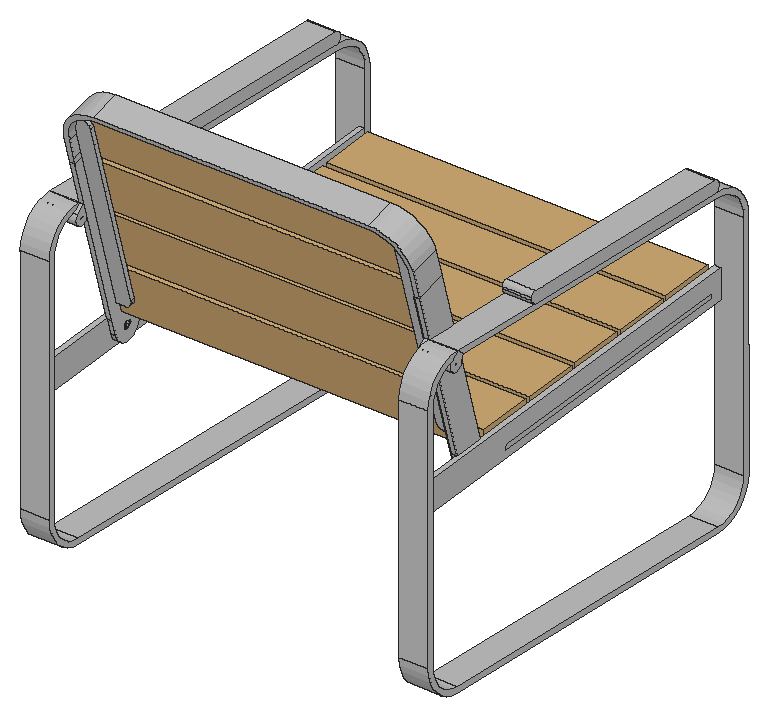
Revit family "L-FUR_벤치_YC-10_예건", category 일반 모델, Revit 2021
Family settings
  보강 철근 호스트 가능 = 아니오
  원형 커넥터 치수 = 지름 사용
  부품 유형 = 보통
  작업 기준면 기반 = 아니오
  항상 수직 = 예
  로드될 때 보이드를 사용하여 절단 = 아니오
  공유 = 아니오
  룸 계산 점 = 아니오
Parameters
  한국산업규격KS = ""
  조달청표준공사코드-세부공종 = ""
  기본 입면도 = 0 mm
  건설정보분류체계-부위분류 = "E943"
  LIM_INFO_주의사항 = "재배포, 재가공, 판매 금지"
  LIM_INFO_제품업체 = "예건"
  LIM_INFO_제품번호 = "YF-16"
  LIM_INFO_제품명 = "펜스_YF-16"
  LIM_INFO_제작일 = "20230315"
  LIM_INFO_재료 = "Hardwood, STL-pipe, STL-plate"
  LIM_INFO_업체정보 = ""
  LIM_INFO_업체URL = "https://yekun.com/"
  LIM_INFO_업체TEL = "(+82)31-943-6114"
  LIM_INFO_업체EMAIL = "yekun@yekun.com"
  LIM_INFO_버전 = "2023_V01"
  LIM_INFO_기타정보 = ""
  LIM_INFO_규격 = "W2000 x H1800"
  LIM_INFO_가격 = 0
  LIM_INFO_PV_포장재여부 = yes
  LIM_INFO_PV_면적 = 0.00 m²
  KBIMS_식별-버전 = ""
  KBIMS_식별-bSK등록번호 = ""
  KBIMS_보급정보-저작자 = "림인포테크_MMJ"
  KBIMS_보급정보-보급코드 = ""
Reference planes
  plane 1 "중심(앞/뒤)": y = 0
  plane 2: z = 0
  plane 3 "중심(왼쪽/오른쪽)": x = 0
Dimensions and locks
  aligned and locked: level to plane 2
Nested families
  nested 1: "YC-10_base" at (0, 0, 0), type "YC-10_base"
Definition of nested family "YC-10_base"
  Parameters (values of type "YC-10_base")
    Default Elevation = 0 mm
  Reference planes
    plane 1 "중심(앞/뒤)": y = 0
    plane 2: z = 0
    plane 3 "중심(왼쪽/오른쪽)": x = 0
  Forms (mm)
    Extrusion 1, solid, detail levels coarse+medium
      sketch origin (0, 2029.447, 184.142) x (0, 1, 0) y (0, 0, 1)
        loop
          line (-2029.447, 341.003) -> (-2029.447, -184.142) -> (-1343.044, -184.142) -> (-1343.044, 341.003) -> (-2029.447, 341.003)
        loop
          line (-1352.044, 332.003) -> (-1685.995, 332.003) -> (-2020.447, 332.003) -> (-2020.447, -175.142) -> (-1352.044, -175.142) -> (-1352.044, 332.003)
      from 0 to 50
    Extrusion 2, solid, detail levels coarse+medium
      sketch origin (0, 2029.447, 184.142) x (0, 1, 0) y (0, 0, 1)
        loop
          line (-2020.447, 126.059) -> (-2020.447, 75.858) -> (-1352.044, 135.858) -> (-1352.044, 186.059) -> (-2020.447, 126.059)
      from 40 to 50
    Extrusion 3, solid, detail levels coarse+medium
      sketch origin (0, 2029.447, 184.142) x (0, 1, 0) y (0, 0, 1)
        loop
          line (-1357.044, 185.61) -> (-1597.017, 164.068) -> (-1837.114, 142.516) -> (-1834.431, 112.636) -> (-1612.826, 132.529) -> (-1354.362, 155.73) -> (-1357.044, 185.61)
        loop
          line (-1858.847, 151.799) -> (-1900.424, 296.821) -> (-1964.822, 521.403) -> (-1993.656, 513.136) -> (-1925.831, 276.58) -> (-1887.685, 143.53) -> (-1858.847, 151.799)
      from 59 to 642.039
    Extrusion 4, solid, detail levels coarse+medium
      sketch origin (0, 2029.447, 184.142) x (0, 1, 0) y (0, 0, 1)
        loop
          line (-1373.745, 147.966) -> (-1374.282, 153.942) -> (-1814.512, 114.424) -> (-1813.975, 108.448) -> (-1373.745, 147.966)
      from 50 to 40
    Extrusion 5, solid, detail levels coarse+medium
      sketch origin (0, 2029.447, 184.142) x (0, 1, 0) y (0, 0, 1)
        loop
          line (-1813.975, 108.448) -> (-1373.745, 147.966) -> (-1374.282, 153.942) -> (-1814.512, 114.424) -> (-1813.975, 108.448)
      from 50 to 90
    Extrusion 6, solid, detail levels coarse+medium
      sketch origin (700, 2029.447, 184.142) x (0, 1, 0) y (0, 0, -1)
        loop
          line (-2020.447, -126.059) -> (-1352.044, -186.059) -> (-1352.044, -135.858) -> (-2020.447, -75.858) -> (-2020.447, -126.059)
      from 40 to 50
    Extrusion 7, solid, detail levels coarse+medium
      sketch origin (700, 2029.447, 184.142) x (0, 1, 0) y (0, 0, -1)
        loop
          line (-1373.745, -147.966) -> (-1813.975, -108.448) -> (-1814.512, -114.424) -> (-1374.282, -153.942) -> (-1373.745, -147.966)
      from 50 to 40
    Extrusion 8, solid, detail levels coarse+medium
      sketch origin (700, 2029.447, 184.142) x (0, 1, 0) y (0, 0, -1)
        loop
          line (-1813.975, -108.448) -> (-1814.512, -114.424) -> (-1374.282, -153.942) -> (-1373.745, -147.966) -> (-1813.975, -108.448)
      from 50 to 90
    Extrusion 9, solid, detail levels coarse+medium
      sketch origin (-1065.453, 508.99, -844.173) x (1, 0, 0) y (0, -0.275637, 0.961262)
        loop
          line (1706.53, 1612.111) -> (1706.53, 1513.614) -> (1715.53, 1513.614) -> (1715.53, 1620.636) -> (1115.53, 1620.636) -> (1115.53, 1513.634) -> (1124.453, 1513.634) -> (1124.453, 1522.111) -> (1124.453, 1612.111) -> (1706.53, 1612.111)
      from 0 to 50
    Extrusion 10, solid, detail levels coarse+medium
      sketch origin (0, 686.403, 0) x (0, 1, 0) y (0, 0, 1)
        loop
          line (-642.681, 597.046) -> (-563.376, 320.437) -> (-548.667, 269.134) -> (-500.603, 282.914) -> (-512.666, 324.989) -> (-594.618, 610.828) -> (-642.681, 597.046)
      from 50 to 59
    Extrusion 11, solid, detail levels fine
      sketch origin (0, 2029.447, 184.142) x (0, 1, 0) y (0, 0, 1)
        loop
          arc (-1415.044, 341.003) -> (-1409.387, 343.346) -> (-1407.044, 349.003) r 8
          line (-1407.044, 349.003) -> (-1407.044, 353.003)
          arc (-1407.044, 353.003) -> (-1409.387, 358.66) -> (-1415.044, 361.003) r 8
          line (-1415.044, 361.003) -> (-1799.044, 361.003)
          arc (-1799.044, 361.003) -> (-1804.701, 358.66) -> (-1807.044, 353.003) r 8
          line (-1807.044, 353.003) -> (-1807.044, 349.003)
          arc (-1807.044, 349.003) -> (-1804.701, 343.346) -> (-1799.044, 341.003) r 8
          line (-1799.044, 341.003) -> (-1415.044, 341.003)
      from 0 to 50
    Extrusion 12, solid, detail levels fine
      sketch origin (0, 2029.447, 184.142) x (0, 1, 0) y (0, 0, 1)
        loop
          arc (-1965.447, 341.003) -> (-2010.702, 322.258) -> (-2029.447, 277.003) r 64
          line (-2029.447, 277.003) -> (-2029.447, -120.142)
          arc (-2029.447, -120.142) -> (-2010.702, -165.397) -> (-1965.447, -184.142) r 64
          line (-1965.447, -184.142) -> (-1407.044, -184.142)
          arc (-1407.044, -184.142) -> (-1361.789, -165.397) -> (-1343.044, -120.142) r 64
          line (-1343.044, -120.142) -> (-1343.044, 277.003)
          arc (-1343.044, 277.003) -> (-1361.789, 322.258) -> (-1407.044, 341.003) r 64
          line (-1407.044, 341.003) -> (-1415.044, 341.003) -> (-1799.044, 341.003) -> (-1965.447, 341.003)
        loop
          line (-1407.044, 332.003) -> (-1685.995, 332.003) -> (-1965.447, 332.003)
          arc (-1965.447, 332.003) -> (-2004.338, 315.894) -> (-2020.447, 277.003) r 55
          line (-2020.447, 277.003) -> (-2020.447, -120.142)
          arc (-2020.447, -120.142) -> (-2004.338, -159.033) -> (-1965.447, -175.142) r 55
          line (-1965.447, -175.142) -> (-1407.044, -175.142)
          arc (-1407.044, -175.142) -> (-1368.153, -159.033) -> (-1352.044, -120.142) r 55
          line (-1352.044, -120.142) -> (-1352.044, 277.003)
          arc (-1352.044, 277.003) -> (-1368.153, 315.894) -> (-1407.044, 332.003) r 55
      from 0 to 50
    Extrusion 13, solid, detail levels fine
      sketch origin (0, 2029.447, 184.142) x (0, 1, 0) y (0, 0, 1)
        loop
          line (-2020.447, 126.059) -> (-2020.447, 75.858) -> (-1352.044, 135.858) -> (-1352.044, 186.059) -> (-2020.447, 126.059)
      from 40 to 50
    Extrusion 14, solid, detail levels fine
      sketch origin (0, 2029.447, 184.142) x (0, 1, 0) y (0, 0, 1)
        loop
          line (-1357.044, 185.61) -> (-1446.684, 177.563) -> (-1444.001, 147.683) -> (-1354.362, 155.73) -> (-1357.044, 185.61)
        loop
          line (-1541.609, 138.922) -> (-1451.969, 146.968) -> (-1454.652, 176.848) -> (-1544.291, 168.801) -> (-1541.609, 138.922)
        loop
          line (-1552.259, 168.086) -> (-1641.899, 160.04) -> (-1639.216, 130.16) -> (-1549.577, 138.206) -> (-1552.259, 168.086)
        loop
          line (-1736.824, 121.398) -> (-1647.184, 129.444) -> (-1649.867, 159.324) -> (-1739.506, 151.278) -> (-1736.824, 121.398)
        loop
          line (-1747.474, 150.562) -> (-1837.114, 142.516) -> (-1834.431, 112.636) -> (-1744.792, 120.683) -> (-1747.474, 150.562)
        loop
          line (-1858.847, 151.799) -> (-1883.651, 238.313) -> (-1912.489, 230.045) -> (-1887.685, 143.53) -> (-1858.847, 151.799)
        loop
          line (-1885.854, 246.004) -> (-1910.661, 332.517) -> (-1939.5, 324.249) -> (-1914.695, 237.735) -> (-1885.854, 246.004)
        loop
          line (-1912.865, 340.208) -> (-1937.672, 426.721) -> (-1966.51, 418.453) -> (-1941.706, 331.939) -> (-1912.865, 340.208)
      from 59 to 642.039
    Extrusion 15, solid, detail levels fine
      sketch origin (0, 2029.447, 184.142) x (0, 1, 0) y (0, 0, 1)
        loop
          line (-1373.745, 147.966) -> (-1374.282, 153.942) -> (-1814.512, 114.424) -> (-1813.975, 108.448) -> (-1373.745, 147.966)
      from 50 to 40
    Extrusion 16, solid, detail levels fine
      sketch origin (0, 2029.447, 184.142) x (0, 1, 0) y (0, 0, 1)
        loop
          line (-1813.975, 108.448) -> (-1373.745, 147.966) -> (-1374.282, 153.942) -> (-1814.512, 114.424) -> (-1813.975, 108.448)
      from 50 to 90
    Extrusion 17, solid, detail levels fine
      sketch origin (0, 2029.447, 184.142) x (0, 1, 0) y (0, 0, 1)
        loop
          line (-1937.672, 426.721) -> (-1985.736, 412.941) -> (-1906.42, 136.295) -> (-1898.601, 109.023)
          arc (-1898.601, 109.023) -> (-1867.679, 91.882) -> (-1850.537, 122.803) r 25
          line (-1850.537, 122.803) -> (-1855.71, 140.846) -> (-1937.672, 426.721)
        loop
          line (-1876.266, 117.61) -> (-1876.969, 115.913) -> (-1876.266, 114.216) -> (-1874.569, 113.513) -> (-1872.872, 114.216) -> (-1872.169, 115.913) -> (-1872.872, 117.61) -> (-1874.569, 118.313) -> (-1876.266, 117.61)
        loop
          line (-1881.688, 118.272) -> (-1881.271, 112.547) -> (-1876.928, 108.794) -> (-1871.203, 109.211) -> (-1867.45, 113.554) -> (-1867.867, 119.279) -> (-1872.21, 123.033) -> (-1877.935, 122.616) -> (-1881.688, 118.272)
      from 50 to 59
    Extrusion 18, solid, detail levels fine
      sketch origin (700, 2029.447, 184.142) x (0, 1, 0) y (0, 0, -1)
        loop
          line (-1415.044, -341.003) -> (-1799.044, -341.003)
          arc (-1799.044, -341.003) -> (-1804.701, -343.346) -> (-1807.044, -349.003) r 8
          line (-1807.044, -349.003) -> (-1807.044, -353.003)
          arc (-1807.044, -353.003) -> (-1804.701, -358.66) -> (-1799.044, -361.003) r 8
          line (-1799.044, -361.003) -> (-1415.044, -361.003)
          arc (-1415.044, -361.003) -> (-1409.387, -358.66) -> (-1407.044, -353.003) r 8
          line (-1407.044, -353.003) -> (-1407.044, -349.003)
          arc (-1407.044, -349.003) -> (-1409.387, -343.346) -> (-1415.044, -341.003) r 8
      from 0 to 50
    Extrusion 19, solid, detail levels fine
      sketch origin (700, 2029.447, 184.142) x (0, 1, 0) y (0, 0, -1)
        loop
          line (-1965.447, -341.003) -> (-1799.044, -341.003) -> (-1415.044, -341.003) -> (-1407.044, -341.003)
          arc (-1407.044, -341.003) -> (-1361.789, -322.258) -> (-1343.044, -277.003) r 64
          line (-1343.044, -277.003) -> (-1343.044, 120.142)
          arc (-1343.044, 120.142) -> (-1361.789, 165.397) -> (-1407.044, 184.142) r 64
          line (-1407.044, 184.142) -> (-1965.447, 184.142)
          arc (-1965.447, 184.142) -> (-2010.702, 165.397) -> (-2029.447, 120.142) r 64
          line (-2029.447, 120.142) -> (-2029.447, -277.003)
          arc (-2029.447, -277.003) -> (-2010.702, -322.258) -> (-1965.447, -341.003) r 64
        loop
          arc (-1407.044, -332.003) -> (-1368.153, -315.894) -> (-1352.044, -277.003) r 55
          line (-1352.044, -277.003) -> (-1352.044, 120.142)
          arc (-1352.044, 120.142) -> (-1368.153, 159.033) -> (-1407.044, 175.142) r 55
          line (-1407.044, 175.142) -> (-1965.447, 175.142)
          arc (-1965.447, 175.142) -> (-2004.338, 159.033) -> (-2020.447, 120.142) r 55
          line (-2020.447, 120.142) -> (-2020.447, -277.003)
          arc (-2020.447, -277.003) -> (-2004.338, -315.894) -> (-1965.447, -332.003) r 55
          line (-1965.447, -332.003) -> (-1685.995, -332.003) -> (-1407.044, -332.003)
      from 0 to 50
    Extrusion 20, solid, detail levels fine
      sketch origin (700, 2029.447, 184.142) x (0, 1, 0) y (0, 0, -1)
        loop
          line (-2020.447, -126.059) -> (-1352.044, -186.059) -> (-1352.044, -135.858) -> (-2020.447, -75.858) -> (-2020.447, -126.059)
      from 40 to 50
    Extrusion 21, solid, detail levels fine
      sketch origin (700, 2029.447, 184.142) x (0, 1, 0) y (0, 0, -1)
        loop
          line (-1373.745, -147.966) -> (-1813.975, -108.448) -> (-1814.512, -114.424) -> (-1374.282, -153.942) -> (-1373.745, -147.966)
      from 50 to 40
    Extrusion 22, solid, detail levels fine
      sketch origin (700, 2029.447, 184.142) x (0, 1, 0) y (0, 0, -1)
        loop
          line (-1813.975, -108.448) -> (-1814.512, -114.424) -> (-1374.282, -153.942) -> (-1373.745, -147.966) -> (-1813.975, -108.448)
      from 50 to 90
    Extrusion 23, solid, detail levels fine
      sketch origin (700, 2029.447, 184.142) x (0, 1, 0) y (0, 0, -1)
        loop
          line (-1937.672, -426.721) -> (-1855.71, -140.846) -> (-1850.537, -122.803)
          arc (-1850.537, -122.803) -> (-1867.679, -91.882) -> (-1898.601, -109.023) r 25
          line (-1898.601, -109.023) -> (-1906.42, -136.295) -> (-1985.736, -412.941) -> (-1937.672, -426.721)
        loop
          line (-1876.266, -117.61) -> (-1874.569, -118.313) -> (-1872.872, -117.61) -> (-1872.169, -115.913) -> (-1872.872, -114.216) -> (-1874.569, -113.513) -> (-1876.266, -114.216) -> (-1876.969, -115.913) -> (-1876.266, -117.61)
        loop
          line (-1881.688, -118.272) -> (-1877.935, -122.616) -> (-1872.21, -123.033) -> (-1867.867, -119.279) -> (-1867.45, -113.554) -> (-1871.203, -109.211) -> (-1876.928, -108.794) -> (-1881.271, -112.547) -> (-1881.688, -118.272)
      from 50 to 59
    Extrusion 24, solid, detail levels fine
      sketch origin (0, 2029.447, 184.142) x (0, 1, 0) y (0, 0, 1)
        loop
          line (-1973.319, 322.606) -> (-1973.069, 320.709) -> (-1971.551, 319.544) -> (-1969.654, 319.794) -> (-1968.489, 321.312) -> (-1968.739, 323.209) -> (-1970.257, 324.374) -> (-1972.154, 324.124) -> (-1973.319, 322.606)
        loop
          arc (-1975.716, 311.653) -> (-1965.094, 312.258) -> (-1958.905, 320.911) r 12.319
          line (-1958.905, 320.911) -> (-1956.13, 332.003) -> (-1965.121, 340.994) -> (-1977.943, 330.894)
          arc (-1977.943, 330.894) -> (-1982.203, 320.652) -> (-1975.716, 311.653) r 11.374
      from 0 to 58
    Extrusion 25, solid, detail levels fine
      sketch origin (-1065.453, 508.99, -844.173) x (1, 0, 0) y (0, -0.275637, 0.961262)
        loop
          line (1124.53, 1521.636) -> (1706.53, 1521.636) -> (1706.53, 1560.019)
          arc (1706.53, 1560.019) -> (1689.456, 1597.017) -> (1651.607, 1612.111) r 55
          line (1651.607, 1612.111) -> (1179.453, 1612.111)
          arc (1179.453, 1612.111) -> (1141.604, 1597.017) -> (1124.53, 1560.019) r 55
          line (1124.53, 1560.019) -> (1124.53, 1521.636)
      from 0 to 30
    Extrusion 26, solid, detail levels fine
      sketch origin (-1065.453, 508.99, -844.173) x (1, 0, 0) y (0, -0.275637, 0.961262)
        loop
          arc (1694.408, 1591.652) -> (1702.965, 1576.792) -> (1706.53, 1560.019) r 55
          line (1706.53, 1560.019) -> (1706.53, 1513.614) -> (1715.53, 1513.614) -> (1715.53, 1560.019)
          arc (1715.53, 1560.019) -> (1695.657, 1603.076) -> (1651.607, 1620.636) r 64
          line (1651.607, 1620.636) -> (1179.453, 1620.636)
          arc (1179.453, 1620.636) -> (1135.402, 1603.076) -> (1115.53, 1560.019) r 64
          line (1115.53, 1560.019) -> (1115.53, 1513.634) -> (1124.453, 1513.634) -> (1124.453, 1522.111) -> (1124.453, 1557.111)
          arc (1124.453, 1557.111) -> (1140.562, 1596.002) -> (1179.453, 1612.111) r 55
          line (1179.453, 1612.111) -> (1651.607, 1612.111)
          arc (1651.607, 1612.111) -> (1675.326, 1606.734) -> (1694.408, 1591.652) r 55
      from 0 to 50
    Extrusion 27, solid, detail levels fine
      sketch origin (-1065.453, 508.984, -844.154) x (1, 0, 0) y (0, -0.275637, 0.961262)
        loop
          arc (1691.532, 1591.652) -> (1680.925, 1587.259) -> (1676.532, 1576.652) r 15
          line (1676.532, 1576.652) -> (1676.532, 1262.652)
          arc (1676.532, 1262.652) -> (1680.925, 1252.046) -> (1691.532, 1247.652) r 15
          line (1691.532, 1247.652) -> (1704.612, 1247.652) -> (1706.53, 1247.652) -> (1706.53, 1541.498) -> (1706.53, 1560.019)
          arc (1706.53, 1560.019) -> (1703.395, 1576.957) -> (1694.408, 1591.652) r 47.337
          line (1694.408, 1591.652) -> (1691.532, 1591.652)
      from 36 to 30
    Extrusion 28, solid, detail levels fine
      sketch origin (1765.607, 508.984, -844.154) x (-1, 0, 0) y (0, 0.275637, -0.961262)
        loop
          line (1691.532, -1591.652) -> (1694.408, -1591.652)
          arc (1694.408, -1591.652) -> (1703.395, -1576.957) -> (1706.53, -1560.019) r 47.337
          line (1706.53, -1560.019) -> (1706.53, -1541.498) -> (1706.53, -1247.652) -> (1704.612, -1247.652) -> (1691.532, -1247.652)
          arc (1691.532, -1247.652) -> (1680.925, -1252.046) -> (1676.532, -1262.652) r 15
          line (1676.532, -1262.652) -> (1676.532, -1576.652)
          arc (1676.532, -1576.652) -> (1680.925, -1587.259) -> (1691.532, -1591.652) r 15
      from 36 to 30
    Extrusion 29, solid, detail levels fine
      sketch origin (0, 686.403, 0) x (0, 1, 0) y (0, 0, 1)
        loop
          line (-642.681, 597.046) -> (-563.376, 320.437) -> (-555.557, 293.166)
          arc (-555.557, 293.166) -> (-524.635, 276.024) -> (-507.493, 306.946) r 25
          line (-507.493, 306.946) -> (-512.666, 324.989) -> (-594.618, 610.828) -> (-642.681, 597.046)
        loop
          circle (-531.525, 300.056) r 2.217
        loop
          circle (-531.525, 300.056) r 7.5
      from 50 to 59
    Extrusion 30, solid, detail levels fine
      sketch origin (700.154, 686.403, 0) x (0, 1, 0) y (0, 0, -1)
        loop
          line (-642.681, -597.046) -> (-594.618, -610.828) -> (-512.666, -324.989) -> (-507.493, -306.946)
          arc (-507.493, -306.946) -> (-524.635, -276.024) -> (-555.557, -293.166) r 25
          line (-555.557, -293.166) -> (-563.376, -320.437) -> (-642.681, -597.046)
        loop
          circle (-531.525, -300.056) r 2.217
        loop
          circle (-531.525, -300.056) r 7.5
      from 50 to 59
    Extrusion 31, solid, detail levels fine
      sketch origin (700.154, 2029.447, 184.142) x (0, 1, 0) y (0, 0, -1)
        loop
          line (-1973.319, -322.606) -> (-1972.154, -324.124) -> (-1970.257, -324.374) -> (-1968.739, -323.209) -> (-1968.489, -321.312) -> (-1969.654, -319.794) -> (-1971.551, -319.544) -> (-1973.069, -320.709) -> (-1973.319, -322.606)
        loop
          arc (-1975.716, -311.653) -> (-1982.203, -320.652) -> (-1977.943, -330.894) r 11.374
          line (-1977.943, -330.894) -> (-1965.121, -340.994) -> (-1956.13, -332.003) -> (-1958.905, -320.911)
          arc (-1958.905, -320.911) -> (-1965.094, -312.258) -> (-1975.716, -311.653) r 12.319
      from 0 to 58
    Extrusion 32, solid, detail levels coarse+medium
      sketch origin (591.154, 686.403, 0) x (0, 1, 0) y (0, 0, 1)
        loop
          line (-642.681, 597.046) -> (-563.376, 320.437) -> (-548.667, 269.134) -> (-500.603, 282.914) -> (-512.666, 324.989) -> (-594.618, 610.828) -> (-642.681, 597.046)
      from 50 to 59
    Extrusion 33, solid, detail levels coarse+medium
      sketch origin (591.154, 686.403, 0) x (0, 1, 0) y (0, 0, 1)
        loop
          line (-642.681, 597.046) -> (-563.376, 320.437) -> (-548.667, 269.134) -> (-500.603, 282.914) -> (-512.666, 324.989) -> (-594.618, 610.828) -> (-642.681, 597.046)
      from 50 to 59
    Extrusion 34, solid, detail levels coarse+medium
      sketch origin (0, 2029.447, 184.142) x (0, 1, 0) y (0, 0, 1)
        loop
          line (-2029.447, 341.003) -> (-2029.447, -184.142) -> (-1343.044, -184.142) -> (-1343.044, 341.003) -> (-2029.447, 341.003)
        loop
          line (-1352.044, 332.003) -> (-1685.995, 332.003) -> (-2020.447, 332.003) -> (-2020.447, -175.142) -> (-1352.044, -175.142) -> (-1352.044, 332.003)
      from 650 to 700
  Dimensions and locks
    aligned and locked: level to plane 2
